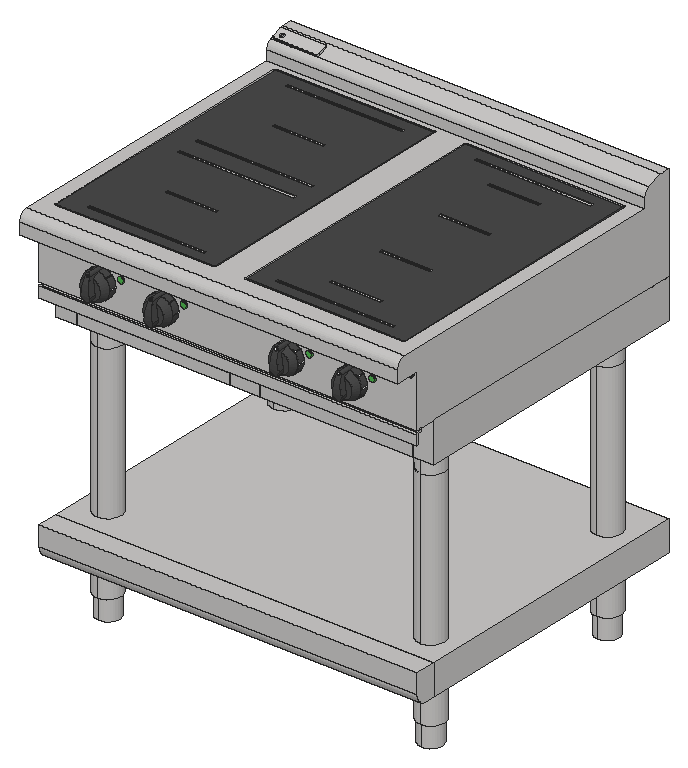
Revit family "QF_Moffat_INL8400R3F-LS_Induction Cooktop_cat", category Specialty Equipment, Revit 2019 (continued)
Definition of nested family "Knob"
  Automatic sketch dimensions
    Extrusion 2 sketch curve to plane 6 "TOP" = 0 mm
    Extrusion 2 sketch curve to plane 5 "FRONT" = 3.702 mm
    Extrusion 2 sketch curve to plane 5 "FRONT" = 10.293 mm
    Extrusion 2 sketch curve to Extrusion 2 sketch curve = 11.298 mm
    plane 8 "Center X" to Extrusion 2 sketch curve = 2.791 mm
    plane 1 "BACK" to Extrusion 2 sketch curve = 10 mm
    Extrusion 2 sketch curve to plane 1 "BACK" = 11 mm
    Extrusion 2 sketch curve to plane 6 "TOP" = 4.5 mm
    Extrusion 2 sketch curve to plane 6 "TOP" = 12.199 mm
    level to Extrusion 2 sketch curve = 32.962 mm
    level to Extrusion 3 sketch curve = 5.625 mm
    Extrusion 3 sketch curve to plane 7 "Center Y" = 0 mm  (x2)
    Extrusion 3 sketch curve to plane 7 "Center Y" = 4.999 mm
    Extrusion 3 sketch curve to plane 7 "Center Y" = 10.48 mm
    plane 6 "TOP" to Extrusion 3 sketch curve = 3.477 mm
    plane 3 "LEFT" to Extrusion 3 sketch curve = 10 mm
    Extrusion 3 sketch curve to plane 6 "TOP" = 4.887 mm
    Extrusion 3 sketch curve to Extrusion 3 sketch curve = 4.999 mm
    plane 7 "Center Y" to Extrusion 3 sketch curve = 10.486 mm
    level to Extrusion 3 sketch curve = 20.585 mm
    Extrusion 3 sketch curve to Extrusion 3 sketch curve = 0.387 mm
    Extrusion 3 sketch curve to Extrusion 3 sketch curve = 0.113 mm
    plane 4 "RIGHT" to Extrusion 3 sketch curve = 10 mm
    Extrusion 5 sketch curve to Revolve 1 = 32.49 mm
    Revolve 1 to Extrusion 5 sketch curve = 32.49 mm
    Extrusion 5 sketch curve to Revolve 1 = 23.54 mm  (x2)
    Revolve 1 to Extrusion 5 sketch curve = 23.54 mm  (x2)
    Extrusion 5 sketch curve to Revolve 1 = 24.106 mm  (x2)
    Revolve 1 to Extrusion 5 sketch curve = 24.106 mm  (x2)
    Revolve 1 to Extrusion 5 sketch curve = 22.408 mm  (x2)
    Extrusion 5 sketch curve to Revolve 1 = 22.408 mm  (x2)
    Revolve 1 to Extrusion 5 sketch curve = 22.974 mm  (x2)
    Extrusion 5 sketch curve to Revolve 1 = 22.974 mm  (x2)
    Extrusion 5 sketch curve to Extrusion 5 sketch curve = 1.6 mm  (x2)
    Revolve 1 to Extrusion 5 sketch curve = 0.8 mm
    Extrusion 5 sketch curve to Revolve 1 = 0.8 mm
    Extrusion 4 sketch curve to plane 7 "Center Y" = 0.003 mm
    radius of Extrusion 5 sketch curve to Revolve 1 = 0 mm  (x7)
    radius of Revolve 1 to Extrusion 5 sketch curve = 0.8 mm  (x7)
    radius of Extrusion 4 sketch curve = 2 mm
Definition of nested family "QF_LOGO_Waldorf1"
  Parameters (values of type "QF_LOGO_Waldorf")
    Weight in Pounds = 0
    URL Cutsheet = ""
    Specification by User = ""
    Specification by Manufacturer = ""
    Serial Number = ""
    Seismic Rating = ""
    SMACNA No = ""
    Revision Code = ""
    NAFEM Spec ID Number = ""
    Masterspec = ""
    Length = 138 mm
    Item Number = ""
    Installed By = ""
    Identify Quantity as Lot = yes
    Height = 26.711 mm
    Furnished By = ""
    Foodservice Equipment Identifier = yes
    Depth = 3.175 mm
    CSI MasterFormat = ""
  Reference planes
    plane 1 "BACK": y = 0
    plane 2: z = 0
    plane 3 "LEFT": x = 0
    plane 4 "RIGHT": x = 138
    plane 5 "FRONT": y = -3.175
    plane 6 "TOP": z = 26.711
    plane 7 "Center Y": x = 69
    plane 8 "Center X": y = -1.587
  Forms (mm)
    Extrusion 1, solid
      sketch origin (0, 0, 0) x (1, 0, 0) y (0, 0.920505, 0.390731)
        loop
          line (109, 3.464) -> (109, 23.247)
          spline (109, 23.247) -> (108.966, 23.699) -> (108.864, 24.143) -> (108.696, 24.572) -> (108.464, 24.979) -> (108.173, 25.355) -> (107.828, 25.696) -> (107.435, 25.995) -> (107, 26.247) -> (106.531, 26.447) -> (106.035, 26.593) -> (105.522, 26.681) -> (105, 26.711)
          line (105, 26.711) -> (4, 26.711)
          spline (4, 26.711) -> (3.478, 26.681) -> (2.965, 26.593) -> (2.469, 26.447) -> (2, 26.247) -> (1.565, 25.995) -> (1.172, 25.696) -> (0.827, 25.355) -> (0.536, 24.979) -> (0.304, 24.572) -> (0.136, 24.143) -> (0.034, 23.699) -> (0, 23.247)
          line (0, 23.247) -> (0, 3.464)
          spline (0, 3.464) -> (0.034, 3.012) -> (0.136, 2.568) -> (0.304, 2.138) -> (0.536, 1.732) -> (0.827, 1.355) -> (1.172, 1.015) -> (1.565, 0.716) -> (2, 0.464) -> (2.469, 0.264) -> (2.965, 0.118) -> (3.478, 0.03) -> (4, 0)
          line (4, 0) -> (105, 0)
          spline (105, 0) -> (105.522, 0.03) -> (106.035, 0.118) -> (106.531, 0.264) -> (107, 0.464) -> (107.435, 0.716) -> (107.828, 1.015) -> (108.173, 1.355) -> (108.464, 1.732) -> (108.696, 2.138) -> (108.864, 2.568) -> (108.966, 3.012) -> (109, 3.464)
        loop
          line (14.75, 7.005) -> (14.75, 15.654)
          arc (14.75, 15.654) -> (10.425, 11.329) -> (14.75, 7.005) r 4.325
        loop
          line (15.25, 15.654) -> (15.25, 7.005)
          arc (15.25, 7.005) -> (19.575, 11.329) -> (15.25, 15.654) r 4.325
      from 0 to 3.2
    Extrusion 2, solid
      sketch origin (0, 0, 0) x (1, 0, 0) y (0, 0.920505, 0.390731)
        loop
          line (15.25, 15.654) -> (15.25, 7.005)
          arc (15.25, 7.005) -> (19.575, 11.329) -> (15.25, 15.654) r 4.325
      from 0 to 3.2
    Extrusion 3, solid
      sketch origin (16.271, 0, 0) x (-1, 0, 0) y (0, -0.920505, -0.390731)
        loop
          arc (1.521, -15.654) -> (5.846, -11.329) -> (1.521, -7.005) r 4.325
          line (1.521, -7.005) -> (1.521, -15.654)
      from 0 to 3.2
  Lines and regions (mm)
    Split face 1
      outline origin (0, -1.25, 2.946) x (1, 0, 0) y (0, 0.920505, 0.390731)
        loop
          spline (22.129, 16.975) -> (22.389, 15.984) -> (22.649, 15.002) -> (22.91, 14.028) -> (23.172, 13.065) -> (23.433, 12.11) -> (23.695, 11.166) -> (23.956, 10.232) -> (24.218, 9.308) -> (24.479, 8.396) -> (24.74, 7.495) -> (25, 6.605) -> (25.26, 5.728)
          line (25.26, 5.728) -> (29.463, 5.728)
          spline (29.463, 5.728) -> (29.582, 6.252) -> (29.701, 6.78) -> (29.82, 7.313) -> (29.939, 7.85) -> (30.058, 8.391) -> (30.178, 8.936) -> (30.297, 9.485) -> (30.416, 10.038) -> (30.536, 10.594) -> (30.655, 11.155) -> (30.775, 11.719) -> (30.894, 12.287)
          spline (30.894, 12.287) -> (31.018, 11.719) -> (31.142, 11.155) -> (31.266, 10.594) -> (31.39, 10.038) -> (31.514, 9.485) -> (31.638, 8.936) -> (31.762, 8.391) -> (31.885, 7.85) -> (32.009, 7.313) -> (32.133, 6.78) -> (32.256, 6.252) -> (32.379, 5.728)
          line (32.379, 5.728) -> (36.51, 5.728)
          spline (36.51, 5.728) -> (36.766, 6.605) -> (37.023, 7.495) -> (37.28, 8.396) -> (37.538, 9.308) -> (37.795, 10.232) -> (38.053, 11.166) -> (38.311, 12.11) -> (38.569, 13.065) -> (38.826, 14.028) -> (39.083, 15.002) -> (39.34, 15.984) -> (39.597, 16.975)
          line (39.597, 16.975) -> (35.637, 16.975)
          spline (35.637, 16.975) -> (35.523, 16.334) -> (35.41, 15.697) -> (35.296, 15.063) -> (35.182, 14.433) -> (35.068, 13.807) -> (34.954, 13.185) -> (34.84, 12.566) -> (34.726, 11.952) -> (34.612, 11.342) -> (34.497, 10.737) -> (34.383, 10.135) -> (34.269, 9.538)
          spline (34.269, 9.538) -> (34.138, 10.135) -> (34.008, 10.737) -> (33.877, 11.342) -> (33.746, 11.952) -> (33.616, 12.566) -> (33.485, 13.185) -> (33.354, 13.807) -> (33.224, 14.433) -> (33.093, 15.063) -> (32.963, 15.697) -> (32.833, 16.334) -> (32.703, 16.975)
          line (32.703, 16.975) -> (29.247, 16.975)
          spline (29.247, 16.975) -> (29.111, 16.334) -> (28.974, 15.697) -> (28.837, 15.063) -> (28.7, 14.433) -> (28.562, 13.807) -> (28.425, 13.185) -> (28.288, 12.566) -> (28.15, 11.952) -> (28.013, 11.342) -> (27.875, 10.737) -> (27.738, 10.135) -> (27.6, 9.538)
          spline (27.6, 9.538) -> (27.483, 10.135) -> (27.366, 10.737) -> (27.249, 11.342) -> (27.132, 11.952) -> (27.015, 12.566) -> (26.897, 13.185) -> (26.78, 13.807) -> (26.663, 14.433) -> (26.546, 15.063) -> (26.43, 15.697) -> (26.313, 16.334) -> (26.196, 16.975)
          line (26.196, 16.975) -> (22.129, 16.975)
    Split face 2
      outline origin (0, -1.25, 2.946) x (1, 0, 0) y (0, 0.920505, 0.390731)
        loop
          line (51.449, 5.728) -> (51.035, 6.606) -> (51.035, 11.169)
          spline (51.035, 11.169) -> (50.686, 12.42) -> (50.176, 13.224) -> (49.51, 13.708) -> (48.693, 13.995) -> (47.747, 14.152) -> (46.698, 14.207) -> (45.579, 14.186) -> (44.419, 14.114) -> (43.279, 13.929) -> (42.249, 13.481) -> (41.424, 12.614) -> (40.897, 11.169)
          line (40.897, 11.169) -> (44.617, 11.169) -> (44.988, 11.965)
          spline (44.988, 11.965) -> (47.294, 11.682) -> (46.856, 10.932) -> (45.527, 10.609) -> (43.858, 10.439) -> (42.259, 10.123) -> (41.078, 9.417) -> (40.563, 8.246) -> (40.689, 6.989) -> (41.407, 6.052) -> (42.774, 5.536) -> (44.847, 5.497) -> (47.306, 6.602)
          line (47.306, 6.602) -> (47.624, 5.728) -> (51.449, 5.728)
    Split face 3
      outline origin (0, -1.25, 2.946) x (1, 0, 0) y (0, 0.920505, 0.390731)
        loop
          line (47.264, 9.264) -> (44.938, 8.597)
          spline (44.938, 8.597) -> (44.508, 8.228) -> (44.402, 7.9) -> (44.548, 7.626) -> (44.877, 7.42) -> (45.317, 7.295) -> (45.797, 7.265) -> (46.252, 7.342) -> (46.65, 7.525) -> (46.971, 7.813) -> (47.194, 8.201) -> (47.298, 8.685) -> (47.264, 9.264)
    Split face 4
      outline origin (0, -1.25, 2.946) x (1, 0, 0) y (0, 0.920505, 0.390731)
        loop
          line (53.33, 16.975) -> (53.33, 5.728) -> (57.173, 5.728) -> (57.173, 16.975) -> (53.33, 16.975)
    Split face 5
      outline origin (0, -1.25, 2.946) x (1, 0, 0) y (0, 0.920505, 0.390731)
        loop
          line (65.795, 16.975) -> (65.795, 12.976)
          spline (65.795, 12.976) -> (63.839, 14.082) -> (62.087, 14.096) -> (60.633, 13.343) -> (59.574, 12.148) -> (58.99, 10.806) -> (58.867, 9.452) -> (59.156, 8.159) -> (59.81, 7) -> (60.786, 6.056) -> (62.111, 5.514) -> (63.868, 5.634) -> (66.137, 6.679)
          line (66.137, 6.679) -> (66.137, 5.728) -> (69.511, 5.728) -> (69.511, 16.975) -> (65.795, 16.975)
    Split face 6
      outline origin (0, -1.25, 2.946) x (1, 0, 0) y (0, 0.920505, 0.390731)
        loop
          spline (64.273, 7.499) -> (64.754, 7.57) -> (65.202, 7.777) -> (65.587, 8.106) -> (65.882, 8.535) -> (66.067, 9.034) -> (66.131, 9.57) -> (66.067, 10.106) -> (65.882, 10.605) -> (65.587, 11.034) -> (65.202, 11.363) -> (64.754, 11.57) -> (64.273, 11.64)
          spline (64.273, 11.64) -> (63.793, 11.57) -> (63.345, 11.363) -> (62.96, 11.034) -> (62.665, 10.605) -> (62.479, 10.106) -> (62.416, 9.57) -> (62.479, 9.034) -> (62.665, 8.535) -> (62.96, 8.106) -> (63.345, 7.777) -> (63.793, 7.57) -> (64.273, 7.499)
    Split face 7
      outline origin (0, -1.25, 2.946) x (1, 0, 0) y (0, 0.920505, 0.390731)
        loop
          spline (76.449, 5.305) -> (77.855, 5.457) -> (79.166, 5.901) -> (80.291, 6.607) -> (81.155, 7.527) -> (81.698, 8.599) -> (81.883, 9.749) -> (81.698, 10.899) -> (81.155, 11.97) -> (80.291, 12.891) -> (79.166, 13.597) -> (77.855, 14.041) -> (76.449, 14.192)
          spline (76.449, 14.192) -> (75.042, 14.041) -> (73.731, 13.597) -> (72.606, 12.891) -> (71.742, 11.97) -> (71.199, 10.899) -> (71.014, 9.749) -> (71.199, 8.599) -> (71.742, 7.527) -> (72.606, 6.607) -> (73.731, 5.901) -> (75.042, 5.457) -> (76.449, 5.305)
    Split face 8
      outline origin (0, -1.25, 2.946) x (1, 0, 0) y (0, 0.920505, 0.390731)
        loop
          spline (76.449, 7.654) -> (76.841, 7.725) -> (77.206, 7.934) -> (77.52, 8.267) -> (77.76, 8.701) -> (77.912, 9.206) -> (77.963, 9.749) -> (77.912, 10.291) -> (77.76, 10.796) -> (77.52, 11.23) -> (77.206, 11.563) -> (76.841, 11.772) -> (76.449, 11.843)
          spline (76.449, 11.843) -> (76.057, 11.772) -> (75.691, 11.563) -> (75.378, 11.23) -> (75.137, 10.796) -> (74.986, 10.291) -> (74.934, 9.749) -> (74.986, 9.206) -> (75.137, 8.701) -> (75.378, 8.267) -> (75.691, 7.934) -> (76.057, 7.725) -> (76.449, 7.654)
    Split face 9
      outline origin (0, -1.25, 2.946) x (1, 0, 0) y (0, 0.920505, 0.390731)
        loop
          line (86.998, 12.335) -> (86.998, 13.879) -> (83.479, 13.879) -> (83.479, 5.728) -> (87.312, 5.728) -> (87.312, 8.975)
          spline (87.312, 8.975) -> (87.364, 9.356) -> (87.458, 9.686) -> (87.594, 9.968) -> (87.769, 10.204) -> (87.982, 10.398) -> (88.229, 10.55) -> (88.509, 10.666) -> (88.82, 10.746) -> (89.16, 10.794) -> (89.525, 10.812) -> (89.915, 10.803) -> (90.327, 10.77)
          line (90.327, 10.77) -> (90.327, 14.113)
          spline (90.327, 14.113) -> (89.929, 14.127) -> (89.552, 14.111) -> (89.197, 14.066) -> (88.865, 13.991) -> (88.554, 13.887) -> (88.266, 13.754) -> (87.999, 13.591) -> (87.755, 13.399) -> (87.532, 13.177) -> (87.332, 12.926) -> (87.154, 12.645) -> (86.998, 12.335)
    Split face 10
      outline origin (0, -1.25, 2.946) x (1, 0, 0) y (0, 0.920505, 0.390731)
        loop
          line (92.082, 13.879) -> (90.894, 13.879) -> (90.894, 11.972) -> (92.082, 11.972) -> (92.082, 5.728) -> (95.871, 5.728) -> (95.871, 11.972) -> (97.5, 11.972) -> (97.5, 13.879) -> (95.871, 13.879)
          spline (95.871, 13.879) -> (95.843, 14.088) -> (95.845, 14.278) -> (95.877, 14.447) -> (95.939, 14.596) -> (96.03, 14.726) -> (96.151, 14.835) -> (96.301, 14.925) -> (96.482, 14.995) -> (96.692, 15.045) -> (96.931, 15.075) -> (97.201, 15.085) -> (97.5, 15.076)
          line (97.5, 15.076) -> (97.5, 17.266) -> (95.367, 17.266)
          spline (95.367, 17.266) -> (94.982, 17.253) -> (94.58, 17.21) -> (94.174, 17.132) -> (93.774, 17.013) -> (93.39, 16.846) -> (93.034, 16.627) -> (92.717, 16.349) -> (92.448, 16.007) -> (92.24, 15.595) -> (92.102, 15.106) -> (92.046, 14.537) -> (92.082, 13.879)
  Dimensions and locks
    equal spacing: plane 3 "LEFT", plane 7 "Center Y", plane 4 "RIGHT"
    "Length": plane 3 "LEFT" to plane 4 "RIGHT"
    equal spacing: plane 5 "FRONT", plane 8 "Center X", plane 1 "BACK"
    "Depth": plane 5 "FRONT" to plane 1 "BACK"
    "Height": plane 6 "TOP" to level
    plane 4 "RIGHT" to plane 3 "LEFT" = 138 mm
    aligned and locked: level to plane 2
  Automatic sketch dimensions
    Extrusion 1 sketch curve to plane 3 "LEFT" = 0 mm
    plane 3 "LEFT" to Extrusion 1 sketch curve = 4 mm  (x2)
    Extrusion 1 sketch curve to Extrusion 1 sketch curve = 10.75 mm
    Extrusion 1 sketch curve to Extrusion 1 sketch curve = 0.5 mm
    plane 4 "RIGHT" to Extrusion 1 sketch curve = 33 mm
    Extrusion 1 sketch curve to Extrusion 1 sketch curve = 0 mm  (x3)
    Extrusion 1 sketch curve to Extrusion 1 sketch curve = 4 mm
    Extrusion 1 sketch curve to Extrusion 1 sketch curve = 3.464 mm  (x3)
    Extrusion 1 sketch curve to Extrusion 1 sketch curve = 3.541 mm
    Extrusion 1 sketch curve to Extrusion 1 sketch curve = 4.325 mm
    Extrusion 1 sketch curve to Extrusion 1 sketch curve = 19.783 mm
    Extrusion 1 sketch curve to Extrusion 1 sketch curve = 7.592 mm
    plane 3 "LEFT" to Extrusion 2 sketch curve = 15.25 mm
    Extrusion 2 sketch curve to Extrusion 2 sketch curve = 4.325 mm
    plane 3 "LEFT" to Extrusion 3 sketch curve = 14.75 mm
    Extrusion 3 sketch curve to Extrusion 3 sketch curve = 4.325 mm
    Extrusion 1 to Split face 1 sketch curve = 6.879 mm
    Split face 1 sketch curve to Extrusion 1 = 5.728 mm
    Split face 1 sketch curve to Split face 1 sketch curve = 3.132 mm
    Split face 1 sketch curve to Split face 1 sketch curve = 4.068 mm
    Split face 1 sketch curve to Split face 1 sketch curve = 3.051 mm
    Split face 1 sketch curve to Split face 1 sketch curve = 4.203 mm
    Split face 1 sketch curve to Split face 1 sketch curve = 2.916 mm
    Split face 1 sketch curve to Split face 1 sketch curve = 3.456 mm
    Split face 1 sketch curve to Split face 1 sketch curve = 2.934 mm
    Split face 1 sketch curve to Split face 1 sketch curve = 4.131 mm
    Split face 1 sketch curve to Split face 1 sketch curve = 3.96 mm
    Split face 1 sketch curve to Split face 1 sketch curve = 0 mm  (x2)
    Split face 1 sketch curve to Extrusion 1 = 9.736 mm  (x2)
    Extrusion 1 to Split face 1 sketch curve = 6.337 mm
    Extrusion 1 to Split face 1 sketch curve = 6.231 mm
    Extrusion 1 to Split face 1 sketch curve = 3.184 mm
    Extrusion 1 to Split face 1 sketch curve = 13.135 mm
    Split face 1 sketch curve to Split face 1 sketch curve = 4.652 mm
    Split face 1 sketch curve to Split face 1 sketch curve = 3.593 mm
    Split face 1 sketch curve to Split face 1 sketch curve = 1.863 mm
    Split face 1 sketch curve to Split face 1 sketch curve = 0.713 mm
    Split face 1 sketch curve to Split face 1 sketch curve = 2.684 mm
    Split face 1 sketch curve to Split face 1 sketch curve = 3.294 mm
    Split face 1 sketch curve to Split face 1 sketch curve = 0.459 mm
    Split face 1 sketch curve to Split face 1 sketch curve = 2.775 mm
    Split face 1 sketch curve to Split face 1 sketch curve = 1.89 mm
    Split face 1 sketch curve to Split face 1 sketch curve = 0.685 mm
    Split face 1 sketch curve to Split face 1 sketch curve = 9.486 mm
    Split face 1 sketch curve to Split face 1 sketch curve = 16.213 mm
    Split face 1 sketch curve to Split face 1 sketch curve = 3.48 mm
    Split face 1 sketch curve to Split face 1 sketch curve = 4.918 mm
    Split face 1 sketch curve to Split face 1 sketch curve = 7.609 mm
    Split face 1 sketch curve to Split face 1 sketch curve = 0.01 mm  (x2)
    Split face 1 sketch curve to Split face 1 sketch curve = 0.002 mm
    Split face 2 sketch curve to Extrusion 1 = 11.169 mm
    Extrusion 1 to Split face 2 sketch curve = 25.647 mm
    Split face 2 sketch curve to Split face 2 sketch curve = 3.72 mm
    Split face 2 sketch curve to Extrusion 1 = 11.965 mm
    Split face 2 sketch curve to Split face 2 sketch curve = 0.371 mm
    Split face 2 sketch curve to Extrusion 1 = 6.602 mm
    Split face 2 sketch curve to Split face 2 sketch curve = 2.689 mm
    Split face 2 sketch curve to Split face 2 sketch curve = 0.318 mm
    Split face 2 sketch curve to Split face 2 sketch curve = 3.729 mm
    Split face 2 sketch curve to Split face 2 sketch curve = 0.414 mm
    Split face 2 sketch curve to Split face 2 sketch curve = 0.875 mm
    Split face 2 sketch curve to Split face 2 sketch curve = 0.878 mm
    Split face 3 sketch curve to Extrusion 1 = 8.597 mm
    Extrusion 1 to Split face 3 sketch curve = 29.688 mm
    Split face 3 sketch curve to Extrusion 1 = 9.264 mm
    Split face 3 sketch curve to Split face 3 sketch curve = 2.326 mm
    Split face 4 sketch curve to Extrusion 1 = 5.728 mm
    Extrusion 1 to Split face 4 sketch curve = 38.08 mm
    Split face 4 sketch curve to Split face 4 sketch curve = 3.843 mm
    Split face 4 sketch curve to Extrusion 1 = 9.736 mm
    Split face 5 sketch curve to Extrusion 1 = 9.736 mm
    Split face 5 sketch curve to Extrusion 1 = 43.205 mm
    Split face 5 sketch curve to Extrusion 1 = 6.679 mm
    Split face 5 sketch curve to Split face 5 sketch curve = 0.342 mm
    Split face 5 sketch curve to Split face 5 sketch curve = 3.375 mm
    Split face 5 sketch curve to Split face 5 sketch curve = 0.952 mm
    Split face 5 sketch curve to Split face 5 sketch curve = 3.998 mm
    Split face 6 sketch curve to Extrusion 1 = 7.499 mm
    Split face 6 sketch curve to Extrusion 1 = 44.727 mm
    Split face 6 sketch curve to Split face 6 sketch curve = 2.07 mm
    Split face 7 sketch curve to Extrusion 1 = 5.305 mm
    Split face 7 sketch curve to Extrusion 1 = 32.551 mm
    Split face 7 sketch curve to Split face 7 sketch curve = 4.443 mm
    Split face 8 sketch curve to Extrusion 1 = 7.654 mm
    Split face 8 sketch curve to Extrusion 1 = 32.551 mm
    Split face 8 sketch curve to Split face 8 sketch curve = 2.095 mm
    Split face 9 sketch curve to Extrusion 1 = 5.728 mm
    Split face 9 sketch curve to Extrusion 1 = 25.521 mm
    Split face 9 sketch curve to Split face 9 sketch curve = 3.519 mm
    Split face 9 sketch curve to Split face 9 sketch curve = 0.315 mm
    Split face 9 sketch curve to Split face 9 sketch curve = 3.33 mm
    Split face 9 sketch curve to Split face 9 sketch curve = 3.248 mm
    Split face 9 sketch curve to Split face 9 sketch curve = 1.795 mm
    Split face 9 sketch curve to Split face 9 sketch curve = 3.36 mm
    Split face 9 sketch curve to Split face 9 sketch curve = 1.545 mm
    Split face 9 sketch curve to Split face 9 sketch curve = 0.233 mm
    Split face 10 sketch curve to Extrusion 1 = 18.106 mm
    Split face 10 sketch curve to Split face 10 sketch curve = 1.188 mm  (x2)
    Split face 10 sketch curve to Split face 10 sketch curve = 3.285 mm
    Split face 10 sketch curve to Split face 10 sketch curve = 3.789 mm
    Split face 10 sketch curve to Split face 10 sketch curve = 0 mm  (x2)
    Split face 10 sketch curve to Split face 10 sketch curve = 1.629 mm
    Split face 10 sketch curve to Split face 10 sketch curve = 2.133 mm
    Split face 10 sketch curve to Extrusion 1 = 5.728 mm
    Split face 10 sketch curve to Split face 10 sketch curve = 6.245 mm
    Split face 10 sketch curve to Split face 10 sketch curve = 1.907 mm  (x2)
    Split face 10 sketch curve to Split face 10 sketch curve = 1.197 mm
    Split face 10 sketch curve to Split face 10 sketch curve = 2.19 mm
